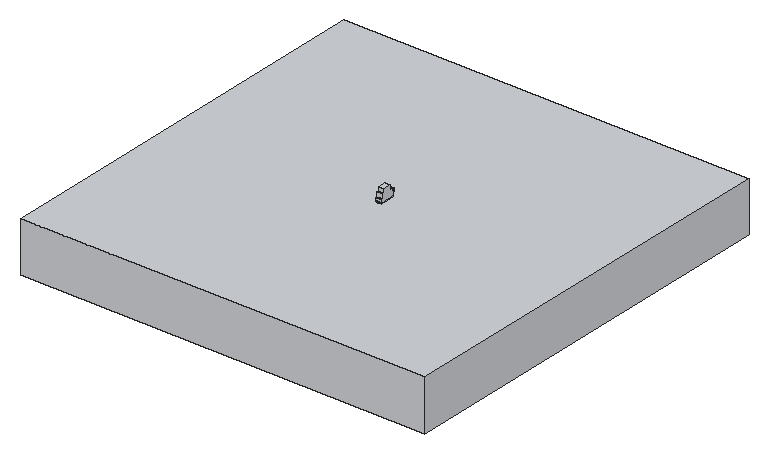
Revit family "Gira_543300", category Elektroinstallationen, Revit 2017
Family settings
  Basisbauteil = Fläche
  Beschriftungsausrichtung beibehalten = Nein
  Bemaßung runder Anschluss = Durchmesser verwenden
  Teiletyp = Normal
  Beim Laden mit Abzugskörper schneiden = Nein
  Gemeinsam genutzt = Nein
  Raumberechnungspunkt = Nein
Parameters (values of type "Funk Schalt-/Tastaktor 1f REG Gira eNet")
  Zusammenstellung = ""
  Werkstoffgüte = ""
  Werkstoff Text = ""
  Default Elevation = 1219.2 mm
  Vor Ort-/Handbedienung = no
  Verwendbar mit Zeitschalter/Timer = no
  Verwendbar mit Taste = no
  Verwendbar mit Präsenzmelder = no
  Verwendbar mit IR-Taste = no
  Verwendbar mit Funktaste = no
  Verwendbar mit Bewegungsmelder = no
  Verschiedene Phasen anschließbar = no
  URL = "https://www.gira.de/"
  Typname = "Funk Schalt-/Tastaktor 1f REG Gira eNet"
  Type Comments = ""
  Transparent = no
  Stromart = ""
  Seriendimmer = no
  Schutzart (IP) = "IP20"
  Produktseite = "https://media.stage.bim.site/t/eyJhbGciOiJIUzI1NiIsInR5cCI6IkpXVCJ9.eyJjdCI6MiwidHUiOiJodHRwOi8va2F0YWxvZy5naXJhLmRlL2RlX0RFL2RhdGVuYmxhdHQuaHRtbD9hcnRpa2VsbnI9NTQzMzAwIiwiY2lkIjoiMzI3N2NjMjMtODFhOS00ZWUzLWE5MGEtYjQ3YmI0YzBiNjE2IiwicmlkIjoiZjNhZjM3OGQ2NDQyMmI0OWYyNTlkYzRlMzBhNWM4ZmEiLCJwaWQiOiIwOWQ1YzRlNjJjNmQ5MDVhMWVjMDliZjllMzdkODZhNjMxMGI3MzRjIiwic2lkIjoiNjM0NzAiLCJ1dCI6MSwibGMiOiJkZSIsImlhdCI6MTYwMDk0MDM0MywiaXNzIjoiaHR0cHM6Ly9hcGkubGl2ZS5iaW0uc2l0ZSIsInN1YiI6ImFkbWluQGJpbXNpdGUuZGV2In0.DYBhgZKzCb2bm-G-u13CY4yI3RNAIe7c72XCrOqbI-Q"
  Oberfläche Text = ""
  Nennspannung [Volt] = ""
  Nebenstelleneingang = no
  Montageart = "REG"
  Modulare Erweiterungsmöglichkeit = no
  Model = ""
  Mit LED-Anzeige = no
  Mit Busankopplung = no
  Mit Beschriftungsfeld = no
  Max. Schaltleistung [Voltampere] = 2300
  Max. Anzahl der Schaltausgänge = 1
  Max. Anzahl der Jalousieausgänge = 0
  Lichtwertspeicher = no
  Lastart = ""
  Kosten = 0
  Installationstechnik = ""
  Hersteller = "Gira"
  HeinzeBIM = "https://www.heinze.de/bim/funk-schalt-tastaktor-1f-reg-gira-enet/09d5c4e62c6d905a1ec09bf9e37d86a6310b734c"
  Halogenfrei = no
  HAN = "543300"
  Geeignet für Schutzart (IP) = ""
  Geeignet für C-Last = no
  GTIN = "4010337774273"
  Funktion Schalten = no
  Funktion = ""
  Funk bidirektional = no
  Frequenz [Hz] = ""
  Farbe = ""
  Dimmung Phasenanschnitt = no
  Dimmung Phasenabschnitt = no
  Datenblatt 1 = "https://media.stage.bim.site/t/eyJhbGciOiJIUzI1NiIsInR5cCI6IkpXVCJ9.eyJjdCI6MSwidGYiOiJwdWJsaWMvZ2lyYS9hZThjNTU3LzU0MzMwMC50eHQiLCJjaWQiOiIzMjc3Y2MyMy04MWE5LTRlZTMtYTkwYS1iNDdiYjRjMGI2MTYiLCJyaWQiOiJmM2FmMzc4ZDY0NDIyYjQ5ZjI1OWRjNGUzMGE1YzhmYSIsInBpZCI6IjA5ZDVjNGU2MmM2ZDkwNWExZWMwOWJmOWUzN2Q4NmE2MzEwYjczNGMiLCJzaWQiOiI2MzQ3MCIsInV0IjoxLCJsYyI6ImRlIiwiaWF0IjoxNjAwOTQwMzQzLCJpc3MiOiJodHRwczovL2FwaS5saXZlLmJpbS5zaXRlIiwic3ViIjoiYWRtaW5AYmltc2l0ZS5kZXYifQ.wdMFG_YKWbY5QKs55R9fARDtK2i0JThZOT_zFoRXf4A/543300.txt"
  Datenblatt = "https://media.stage.bim.site/t/eyJhbGciOiJIUzI1NiIsInR5cCI6IkpXVCJ9.eyJjdCI6MSwidHUiOiJodHRwczovL2thdGFsb2cuZ2lyYS5kZS9kZV9ERS9kb3dubG9hZC5odG1sP2FydGlrZWxucj01NDMzMDAiLCJjaWQiOiIzMjc3Y2MyMy04MWE5LTRlZTMtYTkwYS1iNDdiYjRjMGI2MTYiLCJyaWQiOiJmM2FmMzc4ZDY0NDIyYjQ5ZjI1OWRjNGUzMGE1YzhmYSIsInBpZCI6IjA5ZDVjNGU2MmM2ZDkwNWExZWMwOWJmOWUzN2Q4NmE2MzEwYjczNGMiLCJzaWQiOiI2MzQ3MCIsInV0IjoxLCJsYyI6ImRlIiwiaWF0IjoxNjAwOTQwMzQzLCJpc3MiOiJodHRwczovL2FwaS5saXZlLmJpbS5zaXRlIiwic3ViIjoiYWRtaW5AYmltc2l0ZS5kZXYifQ.SmFSVM4Og0qV-PipQgDWgYeDEfJiwnzM97RrrTHzjmQ"
  Bussystem Powernet = no
  Bussystem LON = no
  Bussystem KNX-Funk = no
  Bussystem KNX = no
  Bussystem Funkbus = yes
  Breite in Teilungseinheiten = 2
  Beschreibung = "eNet Funk Schalt- bzw. Tastaktor 1fach  REG Merkmale: Mit eNet Server einstellbar::  Vollverschlüsselte Funkübertragung (AES-CCM) ab eNet Server Software Version 2.0.  Bediensperren.  Update der Gerätesoftware.  Der eNet Funk Schalt- bzw. Funk Tastaktor empfängt über eine Datenleitung vom eNet Funk Empfangsmodul oder eNet Server Telegramme zum Schalten von Beleuchtungen.  Betriebsarten: Schaltaktor oder Tastaktor.  Statusrückmeldung an eNet Funksender.  Szenenbetrieb.  Betriebsart Tasten: Relaiskontakt bleibt so lange geschlossen wie Telegramme empfangen werden (max. 60 Sekunden). Mit eNet Server einstellbar::  Blinkfunktion.  Nachlaufzeit.  Ein- bzw. Ausschaltverzögerung.  Abschaltvorwarnung.  Minimale Schaltwiederholzeit.  Dauer-Ein, Dauer-Aus.  Hinweise :  Zum Betrieb dieses Reiheneinbaugeräts wird ein eNet Funk Empfangsmodul oder ein eNet Server benötigt."
  Befestigungsart = ""
  Bedienungsart = ""
  Assembly Code = ""
  Keynote = ""
  BIMSITE_PRODUCT_ID = "09d5c4e62c6d905a1ec09bf9e37d86a6310b734c"
  BIM = "https://media.stage.bim.site/t/eyJhbGciOiJIUzI1NiIsInR5cCI6IkpXVCJ9.eyJjdCI6MSwidGYiOiJwdWJsaWMvZ2lyYS9hZThjNTU3L0dpcmEgWDEgUkVHIEtOWC5yZmEiLCJjaWQiOiIzMjc3Y2MyMy04MWE5LTRlZTMtYTkwYS1iNDdiYjRjMGI2MTYiLCJyaWQiOiJmM2FmMzc4ZDY0NDIyYjQ5ZjI1OWRjNGUzMGE1YzhmYSIsInBpZCI6IjA5ZDVjNGU2MmM2ZDkwNWExZWMwOWJmOWUzN2Q4NmE2MzEwYjczNGMiLCJzaWQiOiI2MzQ3MCIsInV0Ijo1LCJsYyI6ImRlIiwiaWF0IjoxNjAwOTQwMzQzLCJpc3MiOiJodHRwczovL2FwaS5saXZlLmJpbS5zaXRlIiwic3ViIjoiYWRtaW5AYmltc2l0ZS5kZXYifQ.GCLRZq26lXGGIDtQ6xf2jgGLESJpsiG6Kq3Gp4SfldI/Gira X1 REG KNX.rfa"
  Ausführung der Oberfläche = ""
  Ausführung Text = ""
  App-Steuerung über Bluetooth = no
  Anzahl der binären Eingänge = 1
  Anzahl der Eingänge = 0
  Anschlussart = ""
  Andere Bussysteme = "eNet"
Reference planes
  plane 1 "Center (Front/Back)": y = 0
  plane 2: z = 0
  plane 3 "Center (Left/Right)": x = 0
Forms (mm)
  Extrusion 1, solid
    sketch origin (0, 0, 0) x (1, 0, 0) y (0, 1, 0)
      loop
        line (-1219.2, 1219.2) -> (-1219.2, -1219.2) -> (1219.2, -1219.2) -> (1219.2, 1219.2) -> (-1219.2, 1219.2)
    from 0 to -304.8
  Extrusion 2, solid, detail levels fine
    sketch origin (0, -0.2, 0) x (0, 1, 0) y (0, 0, 1)
      loop
        line (22.65, 43.82) -> (22.65, 68.77) -> (-22.25, 68.77) -> (-22.25, 43.82) -> (-30.4, 43.82) -> (-30.4, 19.42) -> (-44.8, 19.42) -> (-44.8, 1.97) -> (45.192, 1.97) -> (45.192, 28.47) -> (32.925, 28.47) -> (32.831, 39.259) -> (31.225, 41.242) -> (31.225, 43.82) -> (22.65, 43.82)
    from -17.95 to 17.95
  Extrusion 3, solid, detail levels fine
    sketch origin (0, -0.2, 0) x (0, 1, 0) y (0, 0, 1)
      loop
        line (45.192, 43.82) -> (31.225, 43.82) -> (31.225, 41.242) -> (32.831, 39.259) -> (32.925, 28.47) -> (45.192, 28.47) -> (45.192, 43.82)
    from -17.95 to -15.8
  Extrusion 4, solid, detail levels fine
    sketch origin (0, -0.2, 0) x (0, 1, 0) y (0, 0, -1)
      loop
        line (45.192, -43.82) -> (45.192, -28.47) -> (32.925, -28.47) -> (32.831, -39.259) -> (31.225, -41.242) -> (31.225, -43.82) -> (45.192, -43.82)
    from -17.95 to -15.8
  Extrusion 5, solid, detail levels fine
    sketch origin (0, -0.2, 0) x (0, 1, 0) y (0, 0, 1)
      loop
        line (31.5, 42.848) -> (31.5, 40.412)
        arc (31.5, 40.412) -> (38.359, 39.512) -> (45.192, 38.435) r 267
        line (45.192, 38.435) -> (45.192, 14.255)
        arc (45.192, 14.255) -> (50.205, 15.189) -> (55.2, 16.219) r 264.9
        line (55.2, 16.219) -> (55.2, 38.933)
        arc (55.2, 38.933) -> (43.394, 41.159) -> (31.5, 42.848) r 265
    from -15.506 to 15.5
  Extrusion 6, solid, detail levels fine
    sketch origin (0, -0.2, 0) x (0, 1, 0) y (0, 0, 1)
      loop
        line (45.2, 1.5) -> (17.774, 1.5) -> (17.905, -6.017)
        arc (17.905, -6.017) -> (20.285, -6.454) -> (22.7, -6.6) r 20
        arc (22.7, -6.6) -> (33.985, -5.009) -> (45.128, -2.618) r 160
        line (45.128, -2.618) -> (45.2, 1.5)
    from -17.95 to 18
  Extrusion 7, solid, detail levels fine
    sketch origin (0, -0.2, 0) x (0, 1, 0) y (0, 0, 1)
      loop
        line (17.905, -6.017) -> (17.824, -1.4) -> (16.8, -1.4) -> (14.749, -4.952)
        arc (14.749, -4.952) -> (16.305, -5.55) -> (17.905, -6.017) r 20
    from -17.95 to -13
  Extrusion 8, solid, detail levels fine
    sketch origin (0, -0.2, 0) x (0, 1, 0) y (0, 0, -1)
      loop
        arc (17.905, 6.017) -> (16.305, 5.55) -> (14.749, 4.952) r 20
        line (14.749, 4.952) -> (16.8, 1.4) -> (17.824, 1.4) -> (17.905, 6.017)
    from -17.95 to -13
  Extrusion 9, solid, detail levels fine
    sketch origin (0, -0.2, 0) x (0, 1, 0) y (0, 0, 1)
      loop
        line (17.8, 0) -> (17.774, 1.5) -> (-44.8, 1.5) -> (-44.774, 0) -> (17.8, 0)
    from -17.95 to 17.95
  Extrusion 10, solid, detail levels fine
    sketch origin (0, 0, 0) x (0, 1, 0) y (0, 0, 1)
      loop
        line (-48.916, -3.317) -> (-44.906, -3.881) -> (-44.974, 0) -> (-48.916, 0) -> (-48.916, -3.317)
    from -4.803 to 4.797
  Extrusion 11, solid, detail levels fine
    sketch origin (0, 0, 0) x (0, 1, 0) y (0, 0, 1)
      loop
        arc (-22.5, -6.6) -> (-20.811, -6.529) -> (-19.134, -6.315) r 20
        line (-19.134, -6.315) -> (-18.029, -3.279) -> (-18, 0) -> (-44.974, 0) -> (-44.928, -2.618)
        arc (-44.928, -2.618) -> (-33.785, -5.009) -> (-22.5, -6.6) r 160
    from -17.95 to -10.5
  Extrusion 12, solid, detail levels fine
    sketch origin (0, 0, 0) x (0, 1, 0) y (0, 0, -1)
      loop
        arc (-22.5, 6.6) -> (-33.785, 5.009) -> (-44.928, 2.618) r 160
        line (-44.928, 2.618) -> (-44.974, 0) -> (-18, 0) -> (-18.029, 3.279) -> (-19.134, 6.315)
        arc (-19.134, 6.315) -> (-20.811, 6.529) -> (-22.5, 6.6) r 20
    from -17.95 to -10.5
  Extrusion 13, solid, detail levels fine
    sketch origin (0, 0, 0) x (0, 1, 0) y (0, 0, 1)
      loop
        line (-30.708, -6.6) -> (-30.65, 0) -> (-44.974, 0) -> (-44.859, -6.6) -> (-30.708, -6.6)
    from -10.5 to 10.5
  Extrusion 14, solid, detail levels fine
    sketch origin (0, 0, 0) x (1, 0, 0) y (0, 1, 0)
      loop
        circle (-0.003, -20.023) r 1
    from -7.682 to 0
  Extrusion 15, solid, detail levels fine
    sketch origin (0, 0, 0) x (0, 1, 0) y (0, 0, 1)
      loop
        line (-17.523, -0.8) -> (-17.523, 0) -> (-30.65, 0) -> (-30.684, -3.9) -> (-27.106, -3.9) -> (-27.106, -5.6) -> (-19.623, -6.6) -> (-18.03, -6.6) -> (-15.023, -2.682) -> (-15.023, -1.517) -> (-17.523, -0.8)
    from -4.503 to 4.5
  Extrusion 16, solid, detail levels fine
    sketch origin (0, 0, 0) x (1, 0, 0) y (0, 1, 0)
      loop
        line (16.859, 43.848) -> (-16.859, 43.848) -> (-16.859, -43.859) -> (16.859, -43.859) -> (16.859, 43.848)
    from 1.5 to 4
  Extrusion 17, solid, detail levels medium
    sketch origin (0, 0, 0) x (0, 1, 0) y (0, 0, 1)
      loop
        line (22.45, 68.77) -> (-22.45, 68.77) -> (-22.45, 43.82) -> (-30.6, 43.82) -> (-30.6, 19.42) -> (-45, 19.42) -> (-45, 0) -> (-48.916, 0) -> (-48.916, -6.6) -> (-15.023, -6.6) -> (-15.023, 0) -> (14.549, 0) -> (14.549, -6.6) -> (44.992, -6.6) -> (44.992, 14.255)
        arc (44.992, 14.255) -> (50.005, 15.189) -> (55, 16.219) r 264.9
        line (55, 16.219) -> (55, 38.933)
        arc (55, 38.933) -> (50.005, 39.943) -> (44.992, 40.856) r 265
        line (44.992, 40.856) -> (44.992, 43.82) -> (22.45, 43.82) -> (22.45, 68.77)
    from -17.95 to 17.95
  Extrusion 18, solid, detail levels coarse
    sketch origin (0, 0, 0) x (1, 0, 0) y (0, 1, 0)
      loop
        line (-17.95, 55) -> (-17.95, -48.916) -> (17.95, -48.916) -> (17.95, 55) -> (-17.95, 55)
    from -7.682 to 68.77
Dimensions and locks
  aligned and locked: plane 2 to Extrusion 1
  aligned and locked: level to Extrusion 1
Connectors
  electrical at (0, -13.687, 0)
    settings: on Extrusion 9, index 1, voltage 24 V, apparent load 0 VA, apparent load phase1 0 VA, apparent load phase2 0 VA, apparent load phase3 0 VA, power factor 1, load classification "Other", number of poles 1, system type 30, power factor state 1, is connector primary yes, connector utility no, sub classification motor no, connector description ""
